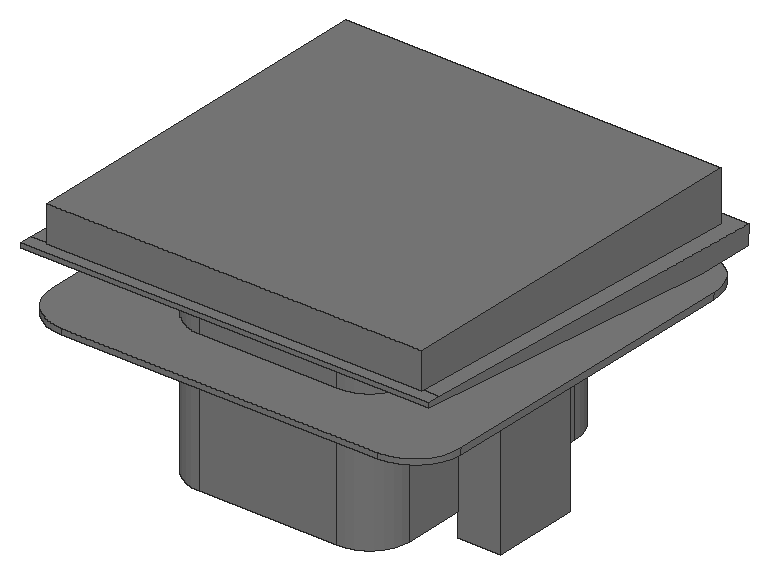
Revit family "Gira_012567", category Electrical Fixtures, host Face, Revit 2017
Family settings
  Host = Face
  Maintain Annotation Orientation = Yes
  Round Connector Dimension = Use Diameter
  Part Type = Normal
  Cut with Voids When Loaded = No
  Shared = No
  Room Calculation Point = No
Parameters (values of type "Tastschalter Serien Gira TX_44 (WG UP) Anthrazit")
  Zusammenstellung = "Basiselement mit zentraler Abdeckplatte"
  Werkstoffgüte = "sonstige"
  Werkstoff = "sonstige"
  Waschmaschinenschalter = "No"
  URL = "http://katalog.gira.de/de_DE/datenblatt.html?artikelnr=012567"
  Textfeld/Beschriftungsfläche = "nein"
  Tastschalter = "Yes"
  Schaltungsart = "Serienschalter"
  Rückmeldekontakt = "No"
  Region = "DE"
  Oberfläche = "sonstige"
  Nennspannung = "250 Volt"
  Name = "Tastschalter Serien Gira TX_44 (WG UP) Anthrazit"
  Montageart = "unter Putz"
  Mit Montageplatte = "No"
  Manufacturer URL = "https://www.gira.de/"
  Keynote = "TX44_Komplettgerät_Schalten und Tasten"
  HeinzeBIM = "https://bimportal.heinze.de/bim/tastschalter-serien-gira-tx-44-wg-up-anthrazit/a0b5789ccc00806a8fed32242576727f7c9737e6"
  Halogenfrei = "No"
  HAN = "012567"
  Geeignet für Schutzart (IP) = "IP44"
  GTIN = "4010337125679"
  Farbe = "anthrazit"
  Default Elevation = 1219.2 mm
  Data sheet (1) = "https://katalog.gira.de/de_DE/download.html?artikelnr=012567"
  Category = "Installationsschalter"
  Bemessungsstrom = "10 Ampere"
  Beleuchtung = "nein"
  Befestigungsart = "Krallen-/Schraubbefestigung"
  Bedienungsart = "Wippe/Taste"
  Available = "Yes"
  Anzahl der Module (bei Modulbauweise) = "1 "
  Anzahl der Betätigungswippen = "2 "
  Anschlussart = "Steckklemme"
Reference planes
  plane 1 "Center (Front/Back)": y = 0
  plane 2 "Reference Level 0": z = 0
  plane 3 "Center (Left/Right)": x = 0
  plane 4: z = -28.6
Forms (mm)
  Extrusion 1, solid, material "Default", detail levels fine
    sketch origin (0, 0, 0) x (1, 0, 0) y (0, 1, 0)
      loop
        line (-32.604, 32.5) -> (-32.604, -32.5) -> (32.735, -32.5) -> (32.735, 32.5) -> (-32.604, 32.5)
    from 0 to 12.3
  Extrusion 2, solid, material "Default", detail levels fine
    sketch origin (0, 0, 0) x (0, 1, 0) y (0, 0, 1)
      loop
        line (35, 3.483) -> (-32.2, 6) -> (-34.55, 6) -> (-34.536, 5.199) -> (24.886, 0) -> (34.939, 0) -> (35, 3.483)
    from -35.5 to 35.5
  Extrusion 3, void
    sketch origin (0, 0, 0) x (0, 1, 0) y (0, 0, 1)
      loop
        line (42.419, 3.205) -> (-32.2, 6) -> (-42.193, 6) -> (-42.193, -11.826) -> (42.419, -11.826) -> (42.419, 3.205)
    from -64.194 to 61.264
  Extrusion 4, solid, material "Default", detail levels fine
    sketch origin (0, 0, 0) x (1, 0, 0) y (0, 1, 0)
      loop
        arc (35.5, 27.5) -> (33.157, 33.157) -> (27.5, 35.5) r 8
        line (27.5, 35.5) -> (-27.5, 35.5)
        arc (-27.5, 35.5) -> (-33.157, 33.157) -> (-35.5, 27.5) r 8
        line (-35.5, 27.5) -> (-35.5, -27.5)
        arc (-35.5, -27.5) -> (-33.157, -33.157) -> (-27.5, -35.5) r 8
        line (-27.5, -35.5) -> (27.5, -35.5)
        arc (27.5, -35.5) -> (33.157, -33.157) -> (35.5, -27.5) r 8
        line (35.5, -27.5) -> (35.5, 27.5)
    from -4.1 to -5.1
  Extrusion 5, solid, material "Default", detail levels fine
    sketch origin (0, 0, 0) x (1, 0, 0) y (0, 1, 0)
      loop
        arc (-12, 25) -> (-16.95, 22.95) -> (-19, 18) r 7
        line (-19, 18) -> (-19, -18)
        arc (-19, -18) -> (-16.95, -22.95) -> (-12, -25) r 7
        line (-12, -25) -> (12, -25)
        arc (12, -25) -> (16.95, -22.95) -> (19, -18) r 7
        line (19, -18) -> (19, 18)
        arc (19, 18) -> (16.95, 22.95) -> (12, 25) r 7
        line (12, 25) -> (-12, 25)
    from 4.692 to -28.6
  Extrusion 6, solid, material "Default", detail levels fine
    sketch origin (0, 0, 0) x (1, 0, 0) y (0, 1, 0)
      loop
        line (-26.5, -7.5) -> (-19, -7.5) -> (-19, 7.5) -> (-26.5, 7.5) -> (-26.5, -7.5)
    from -5.1 to -32.6
  Extrusion 7, solid, material "Default", detail levels fine
    sketch origin (0, 0, 0) x (-1, 0, 0) y (0, -1, 0)
      loop
        line (-26.5, 7.5) -> (-26.5, -7.5) -> (-19, -7.5) -> (-19, 7.5) -> (-26.5, 7.5)
    from -5.1 to -32.6
  Extrusion 8, solid, material "Default", detail levels medium
    sketch origin (0, 0, 0) x (1, 0, 0) y (0, 1, 0)
      loop
        line (-32.604, 32.5) -> (-32.604, -32.5) -> (32.735, -32.5) -> (32.735, 32.5) -> (-32.604, 32.5)
    from 0 to 12.3
  Extrusion 9, solid, material "Default", detail levels medium
    sketch origin (0, 0, 0) x (0, 1, 0) y (0, 0, 1)
      loop
        line (35, 3.483) -> (-32.2, 6) -> (-34.55, 6) -> (-34.445, 0) -> (34.939, 0) -> (35, 3.483)
    from -35.5 to 35.5
  Extrusion 10, solid, material "Default", detail levels medium
    sketch origin (0, 0, 0) x (1, 0, 0) y (0, 1, 0)
      loop
        line (-26.5, 25) -> (-26.5, -25) -> (26.5, -25) -> (26.5, 25) -> (-26.5, 25)
    from 4.692 to -32.6
  Extrusion 11, solid, material "Default", detail levels medium
    sketch origin (0, 0, 0) x (1, 0, 0) y (0, 1, 0)
      loop
        line (35.5, 35.5) -> (-35.5, 35.5) -> (-35.5, -35.5) -> (35.5, -35.5) -> (35.5, 35.5)
    from -4.1 to -5.1
  Extrusion 12, solid, material "Default", detail levels coarse
    sketch origin (0, 0, 0) x (1, 0, 0) y (0, 1, 0)
      loop
        line (35.5, 35.5) -> (-35.5, 35.5) -> (-35.5, -35.5) -> (35.5, -35.5) -> (35.5, 35.5)
    from -32.6 to 12.3
Cuts and joins
  Extrusion 3 cuts Extrusion 1
  joined: Extrusion 1, Extrusion 2, Extrusion 4, Extrusion 5, Extrusion 6, Extrusion 7
Dimensions and locks
  Extrusion 12 to Extrusion 12 = 44.9 mm
  aligned and locked: plane 2 "Reference Level 0" to host face
  aligned and locked: level to host face
  aligned and locked: plane 3 "Center (Left/Right)" to nested 1
  aligned and locked: plane 1 "Center (Front/Back)" to nested 1
Nested families
  nested 1: "Schalter" at (0, 0, 0), type "Schalter"
Connectors
  electrical at (0, 0, -32.6)
    settings: on Extrusion 12, index 1, voltage 220 V, apparent load 0 VA, apparent load phase1 0 VA, apparent load phase2 0 VA, apparent load phase3 0 VA, power factor 1, load classification "Other", number of poles 1, system type 30, power factor state 1, is connector primary yes, connector utility no, sub classification motor no, connector description ""
Definition of nested family "Schalter"
  Reference planes
    plane 1: y = 0
    plane 2: x = 0
  Lines and regions (mm)
    detail lines
      curve 1: circle (1.375, 2.778, 0) r 0.8 normal (0, 0, 1)
      curve 2: line (1.021, 2.061, 0) -> (0, 0, 0)
      curve 3: line (0, 0, 0) -> (-0.538, 0.266, 0)
  Dimensions and locks
    curve 2 to curve 2 = 2.3 mm
    curve 3 to curve 2 = 0.6 mm
    radius of curve 1 = 0.8 mm
